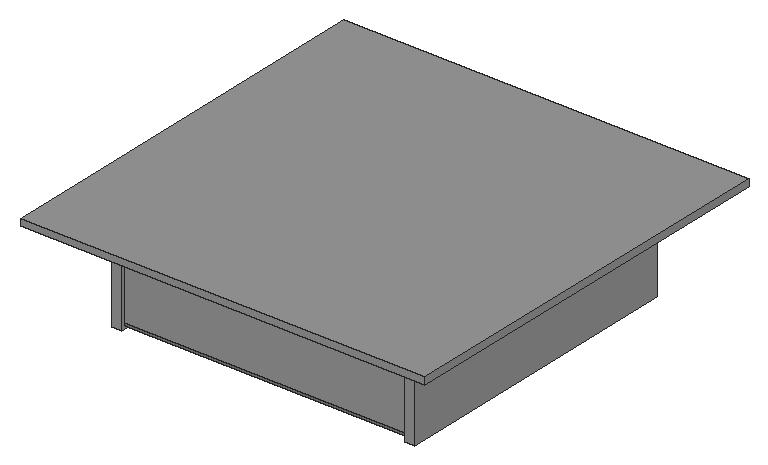
Revit family "Berica 2.0 M", category Lighting Fixtures, Revit 2020 (continued)
Definition of nested family "Light Source Berica 2.0"
  Types (4, lengths in mm): name | Photometric Web File | built-in parameter 1150142
      2.40 223.52 224.18 224.73 224.85 224.51 \r\n224.51 224.84 224.73 224.33 223.68 222.67 221.11 219.05 \r\n216.68 213.80 210.39 206.83 202.68 198.38 193.74 188.20 \r\n182.81 176.90 170.96 164.65 158.51 152.16 145.98 139.61 \r\n133.38 127.16 121.40 115.98 110.58 105.59 101.47 97.55 \r\n93.65 89.98 86.83 83.95 81.13 78.93 76.53 74.62 72.72 \r\n70.95 69.45 67.90 66.67 65.31 64.12 63.04 62.09 61.04 \r\n59.88 58.81 57.76 56.69 55.62 54.40 53.32 52.11 50.93 \r\n49.77 48.49 47.36 46.15 45.18 44.23 43.28 42.26 41.37 \r\n40.42 39.51 38.51 37.63 36.75 35.83 35.02 34.09 33.34 \r\n32.40 31.59 30.82 30.01 29.32 28.61 28.03 27.36 26.85 \r\n26.25 25.72 25.22 24.87 24.74 24.87 25.22 25.72 26.25 \r\n26.85 27.36 28.03 28.61 29.32 30.01 30.82 31.59 32.40 \r\n33.34 34.09 35.02 35.83 36.75 37.63 38.51 39.51 40.42 \r\n41.37 42.26 43.28 44.23 45.18 46.15 47.36 48.49 49.77 \r\n50.93 52.11 53.32 54.40 55.62 56.69 57.76 58.81 59.88 \r\n61.04 62.09 63.04 64.12 65.31 66.67 67.90 69.45 70.95 \r\n72.72 74.62 76.53 78.93 81.13 83.95 86.83 89.98 93.65 \r\n97.55 101.47 105.59 110.58 115.98 121.40 127.16 133.38 \r\n139.61 145.98 152.16 158.51 164.65 170.96 176.90 182.81 \r\n188.20 193.74 198.38 202.68 206.83 210.39 213.80 216.68 \r\n219.05 221.11 222.67 223.68 224.33 224.73 224.84 224.51 \r\n224.51 224.81 224.69 224.38 223.83 222.97 221.63 219.99 \r\n217.71 215.15 212.10 209.02 205.20 201.43 196.74 192.13 \r\n187.47 181.65 176.32 170.43 164.56 158.14 152.71 146.20 \r\n140.12 134.21 128.10 122.94 116.96 112.10 107.48 102.90 \r\n98.79 95.07 91.09 88.11 84.92 82.21 79.63 77.26 75.32 \r\n73.30 71.47 69.71 68.13 66.56 65.34 63.86 62.68 61.48 \r\n60.27 59.03 57.90 56.66 55.51 54.31 53.05 51.84 50.42 \r\n49.25 47.91 46.63 45.42 44.17 42.97 41.94 40.83 39.84 \r\n38.85 37.76 36.78 35.81 34.92 33.96 33.02 32.13 31.19 \r\n30.33 29.43 28.61 27.82 27.05 26.36 25.63 25.12 24.53 \r\n24.10 23.60 23.11 22.84 22.63 22.84 23.11 23.60 24.10 \r\n24.53 25.12 25.63 26.36 27.05 27.82 28.61 29.43 30.33 \r\n31.19 32.13 33.02 33.96 34.92 35.81 36.78 37.76 38.85 \r\n39.84 40.83 41.94 42.97 44.17 45.42 46.63 47.91 49.25 \r\n50.42 51.84 53.05 54.31 55.51 56.66 57.90 59.03 60.27 \r\n61.48 62.68 63.86 65.34 66.56 68.13 69.71 71.47 73.30 \r\n75.32 77.26 79.63 82.21 84.92 88.11 91.09 95.07 98.79 \r\n102.90 107.48 112.10 116.96 122.94 128.10 134.21 140.12 \r\n146.20 152.71 158.14 164.56 170.43 176.32 181.65 187.47 \r\n192.13 196.74 201.43 205.20 209.02 212.10 215.15 217.71 \r\n219.99 221.63 222.97 223.83 224.38 224.69 224.81 224.51 \r\n224.51 224.83 224.81 224.51 223.95 223.23 222.16 220.63 \r\n218.85 216.47 213.99 211.01 207.84 204.36 200.48 196.16 \r\n191.39 186.95 181.55 176.52 170.71 165.49 159.64 153.65 \r\n147.75 141.89 135.89 130.31 124.86 119.39 114.93 109.78 \r\n105.55 100.88 97.09 93.30 89.85 86.62 83.75 80.99 78.59 \r\n76.26 74.14 72.09 70.32 68.43 66.85 65.34 63.89 62.48 \r\n60.98 59.64 58.24 57.01 55.62 54.33 53.07 51.77 50.30 \r\n49.06 47.58 46.25 44.85 43.52 42.26 40.81 39.67 38.45 \r\n37.41 36.28 35.20 34.12 33.12 32.05 31.13 30.15 29.27 \r\n28.30 27.46 26.53 25.69 24.88 24.13 23.54 22.87 22.38 \r\n21.91 21.42 20.99 20.71 20.50 20.71 20.99 21.42 21.91 \r\n22.38 22.87 23.54 24.13 24.88 25.69 26.53 27.46 28.30 \r\n29.27 30.15 31.13 32.05 33.12 34.12 35.20 36.28 37.41 \r\n38.45 39.67 40.81 42.26 43.52 44.85 46.25 47.58 49.06 \r\n50.30 51.77 53.07 54.33 55.62 57.01 58.24 59.64 60.98 \r\n62.48 63.89 65.34 66.85 68.43 70.32 72.09 74.14 76.26 \r\n78.59 80.99 83.75 86.62 89.85 93.30 97.09 100.88 105.55 \r\n109.78 114.93 119.39 124.86 130.31 135.89 141.89 147.75 \r\n153.65 159.64 165.49 170.71 176.52 181.55 186.95 191.39 \r\n196.16 200.48 204.36 207.84 211.01 213.99 216.47 218.85 \r\n220.63 222.16 223.23 223.95 224.51 224.81 224.83 224.51 \r\n224.51 224.82 224.83 224.51 224.06 223.48 222.65 221.36 \r\n219.76 217.95 215.70 213.08 210.32 207.11 203.69 200.00 \r\n196.06 191.54 187.28 182.55 177.38 172.15 167.15 161.59 \r\n155.90 150.35 144.62 139.46 133.43 128.28 123.25 118.14 \r\n113.38 108.74 104.34 100.25 96.26 92.48 89.19 85.86 83.02 \r\n80.45 77.87 75.44 73.17 71.06 69.19 67.44 65.64 63.89 \r\n62.20 60.70 59.15 57.50 56.10 54.59 53.14 51.75 50.33 \r\n48.84 47.43 45.87 44.44 43.01 41.49 40.24 38.76 37.46 \r\n36.19 34.93 33.72 32.63 31.55 30.43 29.36 28.29 27.39 \r\n26.26 25.41 24.50 23.66 22.81 22.01 21.31 20.68 20.12 \r\n19.62 19.24 18.82 18.52 18.37 18.52 18.82 19.24 19.62 \r\n20.12 20.68 21.31 22.01 22.81 23.66 24.50 25.41 26.26 \r\n27.39 28.29 29.36 30.43 31.55 32.63 33.72 34.93 36.19 \r\n37.46 38.76 40.24 41.49 43.01 44.44 45.87 47.43 48.84 \r\n50.33 51.75 53.14 54.59 56.10 57.50 59.15 60.70 62.20 \r\n63.89 65.64 67.44 69.19 71.06 73.17 75.44 77.87 80.45 \r\n83.02 85.86 89.19 92.48 96.26 100.25 104.34 108.74 113.38 \r\n118.14 123.25 128.28 133.43 139.46 144.62 150.35 155.90 \r\n161.59 167.15 172.15 177.38 182.55 187.28 191.54 196.06 \r\n200.00 203.69 207.11 210.32 213.08 215.70 217.95 219.76 \r\n221.36 222.65 223.48 224.06 224.51 224.83 224.82 224.51 \r\n224.51 224.79 224.81 224.68 224.20 223.64 222.93 221.95 \r\n220.77 219.06 217.31 215.27 212.85 210.15 207.22 203.94 \r\n200.51 196.75 192.78 188.66 184.09 179.56 174.88 169.56 \r\n164.52 159.33 154.23 148.59 143.34 137.87 133.22 127.80 \r\n122.99 118.14 113.26 108.63 104.33 100.07 96.24 92.78 \r\n89.17 85.91 82.77 80.06 77.28 74.80 72.39 70.18 68.13 \r\n66.04 64.14 62.21 60.48 58.66 56.97 55.25 53.67 52.03 \r\n50.53 48.86 47.30 45.80 44.19 42.65 41.18 39.71 38.30 \r\n36.70 35.33 33.85 32.51 31.25 30.01 28.86 27.66 26.64 \r\n25.48 24.52 23.54 22.56 21.72 20.73 19.98 19.19 18.48 \r\n17.87 17.31 16.88 16.45 16.21 16.09 16.21 16.45 16.88 \r\n17.31 17.87 18.48 19.19 19.98 20.73 21.72 22.56 23.54 \r\n24.52 25.48 26.64 27.66 28.86 30.01 31.25 32.51 33.85 \r\n35.33 36.70 38.30 39.71 41.18 42.65 44.19 45.80 47.30 \r\n48.86 50.53 52.03 53.67 55.25 56.97 58.66 60.48 62.21 \r\n64.14 66.04 68.13 70.18 72.39 74.80 77.28 80.06 82.77 \r\n85.91 89.17 92.78 96.24 100.07 104.33 108.63 113.26 \r\n118.14 122.99 127.80 133.22 137.87 143.34 148.59 154.23 \r\n159.33 164.52 169.56 174.88 179.56 184.09 188.66 192.78 \r\n196.75 200.51 203.94 207.22 210.15 212.85 215.27 217.31 \r\n219.06 220.77 221.95 222.93 223.64 224.20 224.68 224.81 \r\n224.79 224.51 \r\n224.51 224.73 224.75 224.55 224.31 223.74 223.03 222.25 \r\n221.36 220.08 218.58 216.88 215.04 212.80 210.22 207.42 \r\n204.63 201.28 197.91 194.04 190.23 186.33 181.87 177.69 \r\n173.15 168.31 163.54 158.92 153.54 148.54 143.62 138.62 \r\n133.81 128.26 123.55 119.04 114.00 109.60 105.37 100.95 \r\n97.22 93.04 89.68 86.28 82.96 79.93 77.11 74.28 71.64 \r\n69.20 66.87 64.68 62.35 60.29 58.39 56.40 54.58 52.69 \r\n50.85 49.19 47.41 45.80 44.01 42.41 40.84 39.32 37.59 \r\n36.19 34.54 33.07 31.62 30.10 28.78 27.48 26.22 25.05 \r\n23.88 22.81 21.71 20.67 19.76 18.83 17.90 17.04 16.29 \r\n15.47 14.86 14.32 13.98 13.67 13.59 13.67 13.98 14.32 \r\n14.86 15.47 16.29 17.04 17.90 18.83 19.76 20.67 21.71 \r\n22.81 23.88 25.05 26.22 27.48 28.78 30.10 31.62 33.07 \r\n34.54 36.19 37.59 39.32 40.84 42.41 44.01 45.80 47.41 \r\n49.19 50.85 52.69 54.58 56.40 58.39 60.29 62.35 64.68 \r\n66.87 69.20 71.64 74.28 77.11 79.93 82.96 86.28 89.68 \r\n93.04 97.22 100.95 105.37 109.60 114.00 119.04 123.55 \r\n128.26 133.81 138.62 143.62 148.54 153.54 158.92 163.54 \r\n168.31 173.15 177.69 181.87 186.33 190.23 194.04 197.91 \r\n201.28 204.63 207.42 210.22 212.80 215.04 216.88 218.58 \r\n220.08 221.36 222.25 223.03 223.74 224.31 224.55 224.75 \r\n224.73 224.51 \r\n224.51 224.83 224.86 224.65 224.41 223.96 223.42 222.68 \r\n221.85 221.02 219.74 218.43 216.76 215.08 213.01 210.70 \r\n208.17 205.35 202.46 199.42 196.27 192.59 189.14 185.17 \r\n181.25 177.00 172.94 168.59 164.00 159.24 154.62 150.19 \r\n144.75 140.27 134.86 130.34 125.21 120.36 115.94 111.14 \r\n106.80 102.71 98.26 94.34 90.73 86.92 83.44 80.18 76.95 \r\n73.95 71.01 68.30 65.61 63.02 60.63 58.42 56.12 54.12 \r\n51.89 49.87 47.92 46.07 44.23 42.31 40.60 38.92 37.23 \r\n35.58 33.87 32.42 30.78 29.31 27.87 26.39 25.04 23.73 \r\n22.41 21.25 20.08 18.95 18.00 16.85 15.96 14.93 14.06 \r\n13.23 12.43 11.88 11.41 11.09 10.98 11.09 11.41 11.88 \r\n12.43 13.23 14.06 14.93 15.96 16.85 18.00 18.95 20.08 \r\n21.25 22.41 23.73 25.04 26.39 27.87 29.31 30.78 32.42 \r\n33.87 35.58 37.23 38.92 40.60 42.31 44.23 46.07 47.92 \r\n49.87 51.89 54.12 56.12 58.42 60.63 63.02 65.61 68.30 \r\n71.01 73.95 76.95 80.18 83.44 86.92 90.73 94.34 98.26 \r\n102.71 106.80 111.14 115.94 120.36 125.21 130.34 134.86 \r\n140.27 144.75 150.19 154.62 159.24 164.00 168.59 172.94 \r\n177.00 181.25 185.17 189.14 192.59 196.27 199.42 202.46 \r\n205.35 208.17 210.70 213.01 215.08 216.76 218.43 219.74 \r\n221.02 221.85 222.68 223.42 223.96 224.41 224.65 224.86 \r\n224.83 224.51 \r\n224.51 224.74 224.73 224.53 224.37 224.00 223.51 222.85 \r\n222.14 221.27 220.46 219.35 218.09 216.68 214.88 213.02 \r\n210.98 208.65 206.30 203.71 200.90 197.99 195.02 191.65 \r\n188.37 184.68 181.02 177.32 173.11 169.24 165.10 160.61 \r\n156.15 151.64 146.72 142.17 137.50 132.77 127.64 122.80 \r\n118.14 113.77 108.91 104.69 100.25 95.89 92.01 87.71 \r\n84.26 80.35 77.06 73.63 70.43 67.30 64.33 61.51 58.75 \r\n56.36 53.59 51.39 48.90 46.79 44.53 42.51 40.39 38.68 \r\n36.73 35.04 33.29 31.63 30.03 28.37 26.90 25.45 23.95 \r\n22.51 21.25 19.88 18.68 17.38 16.28 15.12 14.06 12.99 \r\n11.95 10.99 10.08 9.43 8.84 8.54 8.40 8.54 8.84 9.43 \r\n10.08 10.99 11.95 12.99 14.06 15.12 16.28 17.38 18.68 \r\n19.88 21.25 22.51 23.95 25.45 26.90 28.37 30.03 31.63 \r\n33.29 35.04 36.73 38.68 40.39 42.51 44.53 46.79 48.90 \r\n51.39 53.59 56.36 58.75 61.51 64.33 67.30 70.43 73.63 \r\n77.06 80.35 84.26 87.71 92.01 95.89 100.25 104.69 108.91 \r\n113.77 118.14 122.80 127.64 132.77 137.50 142.17 146.72 \r\n151.64 156.15 160.61 165.10 169.24 173.11 177.32 181.02 \r\n184.68 188.37 191.65 195.02 197.99 200.90 203.71 206.30 \r\n208.65 210.98 213.02 214.88 216.68 218.09 219.35 220.46 \r\n221.27 222.14 222.85 223.51 224.00 224.37 224.53 224.73 \r\n224.74 224.51 \r\n224.51 224.73 224.76 224.64 224.43 224.19 223.76 223.26 \r\n222.55 221.82 220.96 220.05 218.96 217.86 216.36 214.88 \r\n213.23 211.26 209.35 207.10 204.98 202.47 199.86 197.16 \r\n194.24 191.26 188.01 184.82 181.15 177.55 173.98 170.34 \r\n166.18 161.92 157.90 153.29 148.92 144.26 139.74 135.47 \r\n130.24 125.64 120.74 115.91 111.46 106.67 102.35 97.66 \r\n93.18 89.04 85.02 80.88 77.06 73.34 69.77 66.37 62.99 \r\n59.73 56.82 53.92 51.03 48.30 45.71 43.38 40.83 38.89 \r\n36.64 34.65 32.68 30.83 29.13 27.39 25.80 24.31 22.80 \r\n21.34 19.97 18.57 17.36 16.04 14.74 13.50 12.32 11.16 \r\n10.05 9.00 8.04 7.19 6.54 6.13 6.04 6.13 6.54 7.19 8.04 \r\n9.00 10.05 11.16 12.32 13.50 14.74 16.04 17.36 18.57 \r\n19.97 21.34 22.80 24.31 25.80 27.39 29.13 30.83 32.68 \r\n34.65 36.64 38.89 40.83 43.38 45.71 48.30 51.03 53.92 \r\n56.82 59.73 62.99 66.37 69.77 73.34 77.06 80.88 85.02 \r\n89.04 93.18 97.66 102.35 106.67 111.46 115.91 120.74 \r\n125.64 130.24 135.47 139.74 144.26 148.92 153.29 157.90 \r\n161.92 166.18 170.34 173.98 177.55 181.15 184.82 188.01 \r\n191.26 194.24 197.16 199.86 202.47 204.98 207.10 209.35 \r\n211.26 213.23 214.88 216.36 217.86 218.96 220.05 220.96 \r\n221.82 222.55 223.26 223.76 224.19 224.43 224.64 224.76 \r\n224.73 224.51 \r\n224.51 224.65 224.67 224.49 224.33 224.04 223.72 223.18 \r\n222.58 221.87 221.26 220.39 219.31 218.21 217.03 215.58 \r\n214.12 212.60 210.90 209.07 207.19 205.07 202.87 200.47 \r\n198.14 195.64 192.94 189.93 187.03 183.93 180.81 177.45 \r\n173.89 170.33 166.38 162.32 158.19 154.03 149.87 145.37 \r\n141.09 136.22 131.29 126.84 121.84 117.14 112.23 107.76 \r\n102.85 98.45 93.72 89.12 84.45 80.39 76.23 72.09 68.13 \r\n64.44 60.98 57.28 54.12 50.88 47.80 44.94 42.21 39.71 \r\n37.09 34.74 32.48 30.32 28.42 26.40 24.64 22.92 21.35 \r\n19.93 18.39 17.01 15.67 14.30 13.05 11.69 10.49 9.30 8.21 \r\n7.06 5.98 5.04 4.33 3.77 3.64 3.77 4.33 5.04 5.98 7.06 \r\n8.21 9.30 10.49 11.69 13.05 14.30 15.67 17.01 18.39 19.93 \r\n21.35 22.92 24.64 26.40 28.42 30.32 32.48 34.74 37.09 \r\n39.71 42.21 44.94 47.80 50.88 54.12 57.28 60.98 64.44 \r\n68.13 72.09 76.23 80.39 84.45 89.12 93.72 98.45 102.85 \r\n107.76 112.23 117.14 121.84 126.84 131.29 136.22 141.09 \r\n145.37 149.87 154.03 158.19 162.32 166.38 170.33 173.89 \r\n177.45 180.81 183.93 187.03 189.93 192.94 195.64 198.14 \r\n200.47 202.87 205.07 207.19 209.07 210.90 212.60 214.12 \r\n215.58 217.03 218.21 219.31 220.39 221.26 221.87 222.58 \r\n223.18 223.72 224.04 224.33 224.49 224.67 224.65 224.51 \r\n224.51 224.52 224.54 224.33 224.15 223.91 223.51 223.06 \r\n222.50 221.87 221.15 220.42 219.44 218.46 217.35 216.01 \r\n214.64 213.30 211.69 209.95 208.00 206.07 204.17 201.90 \r\n199.93 197.49 195.16 192.56 189.89 186.94 184.27 181.41 \r\n178.28 175.17 171.67 168.15 164.46 160.53 156.61 152.65 \r\n148.28 143.97 139.14 134.86 129.91 125.22 120.09 115.30 \r\n110.48 105.40 100.63 95.79 91.04 86.35 81.37 76.97 72.70 \r\n68.36 64.46 60.49 56.80 53.01 49.79 46.55 43.32 40.56 \r\n37.65 34.94 32.40 29.95 27.83 25.52 23.64 21.73 19.94 \r\n18.32 16.76 15.24 13.77 12.36 11.16 9.84 8.57 7.39 6.20 \r\n5.17 4.02 3.13 2.36 1.79 1.68 1.79 2.36 3.13 4.02 5.17 \r\n6.20 7.39 8.57 9.84 11.16 12.36 13.77 15.24 16.76 18.32 \r\n19.94 21.73 23.64 25.52 27.83 29.95 32.40 34.94 37.65 \r\n40.56 43.32 46.55 49.79 53.01 56.80 60.49 64.46 68.36 \r\n72.70 76.97 81.37 86.35 91.04 95.79 100.63 105.40 110.48 \r\n115.30 120.09 125.22 129.91 134.86 139.14 143.97 148.28 \r\n152.65 156.61 160.53 164.46 168.15 171.67 175.17 178.28 \r\n181.41 184.27 186.94 189.89 192.56 195.16 197.49 199.93 \r\n201.90 204.17 206.07 208.00 209.95 211.69 213.30 214.64 \r\n216.01 217.35 218.46 219.44 220.42 221.15 221.87 222.50 \r\n223.06 223.51 223.91 224.15 224.33 224.54 224.52 224.51 \r\n224.51 224.54 224.47 224.29 224.04 223.70 223.35 223.00 \r\n222.37 221.64 220.92 220.21 219.23 218.33 217.06 215.88 \r\n214.56 213.07 211.42 209.78 208.08 206.23 204.25 202.16 \r\n200.14 197.85 195.62 193.10 190.58 187.82 185.16 182.17 \r\n179.18 176.35 173.06 169.68 165.83 162.15 158.39 154.58 \r\n150.21 145.95 141.55 136.64 132.14 127.20 122.43 117.54 \r\n112.46 107.56 102.36 97.42 92.53 87.26 82.94 78.07 73.39 \r\n68.85 64.65 60.75 56.75 52.88 49.48 46.11 42.61 39.56 \r\n36.57 33.94 31.23 28.75 26.27 24.18 22.19 20.16 18.36 \r\n16.73 15.10 13.62 12.09 10.74 9.43 8.19 6.97 5.82 4.70 \r\n3.63 2.61 1.77 1.06 0.57 0.41 0.57 1.06 1.77 2.61 3.63 \r\n4.70 5.82 6.97 8.19 9.43 10.74 12.09 13.62 15.10 16.73 \r\n18.36 20.16 22.19 24.18 26.27 28.75 31.23 33.94 36.57 \r\n39.56 42.61 46.11 49.48 52.88 56.75 60.75 64.65 68.85 \r\n73.39 78.07 82.94 87.26 92.53 97.42 102.36 107.56 112.46 \r\n117.54 122.43 127.20 132.14 136.64 141.55 145.95 150.21 \r\n154.58 158.39 162.15 165.83 169.68 173.06 176.35 179.18 \r\n182.17 185.16 187.82 190.58 193.10 195.62 197.85 200.14 \r\n202.16 204.25 206.23 208.08 209.78 211.42 213.07 214.56 \r\n215.88 217.06 218.33 219.23 220.21 220.92 221.64 222.37 \r\n223.00 223.35 223.70 224.04 224.29 224.47 224.54 224.51 \r\n224.51 224.36 224.16 223.82 223.58 223.20 222.61 222.09 \r\n221.44 220.74 219.88 218.91 217.90 216.79 215.53 214.18 \r\n212.70 211.15 209.49 207.62 205.74 203.69 201.62 199.45 \r\n197.37 194.94 192.32 189.83 187.22 184.30 181.48 178.60 \r\n175.42 172.19 168.78 165.14 161.69 157.76 153.80 149.41 \r\n145.44 141.10 136.46 131.85 126.93 122.07 117.30 112.19 \r\n107.34 102.25 97.36 92.48 87.45 82.76 77.91 73.39 68.68 \r\n64.49 60.52 56.43 52.76 49.18 45.54 42.42 39.09 36.18 \r\n33.25 30.76 28.28 25.80 23.60 21.40 19.58 17.64 16.12 \r\n14.54 13.01 11.64 10.29 9.12 7.87 6.80 5.75 4.71 3.76 \r\n2.82 2.05 1.24 0.69 0.29 0.21 0.29 0.69 1.24 2.05 2.82 \r\n3.76 4.71 5.75 6.80 7.87 9.12 10.29 11.64 13.01 14.54 \r\n16.12 17.64 19.58 21.40 23.60 25.80 28.28 30.76 33.25 \r\n36.18 39.09 42.42 45.54 49.18 52.76 56.43 60.52 64.49 \r\n68.68 73.39 77.91 82.76 87.45 92.48 97.36 102.25 107.34 \r\n112.19 117.30 122.07 126.93 131.85 136.46 141.10 145.44 \r\n149.41 153.80 157.76 161.69 165.14 168.78 172.19 175.42 \r\n178.60 181.48 184.30 187.22 189.83 192.32 194.94 197.37 \r\n199.45 201.62 203.69 205.74 207.62 209.49 211.15 212.70 \r\n214.18 215.53 216.79 217.90 218.91 219.88 220.74 221.44 \r\n222.09 222.61 223.20 223.58 223.82 224.16 224.36 224.51 \r\n224.51 224.29 224.03 223.64 223.12 222.60 221.91 221.30 \r\n220.47 219.54 218.50 217.26 216.03 214.77 213.25 211.70 \r\n210.01 208.29 206.33 204.39 202.27 199.93 197.82 195.32 \r\n192.81 190.12 187.23 184.34 181.37 178.22 174.96 171.52 \r\n167.91 164.47 160.45 156.65 152.33 148.37 143.80 139.52 
